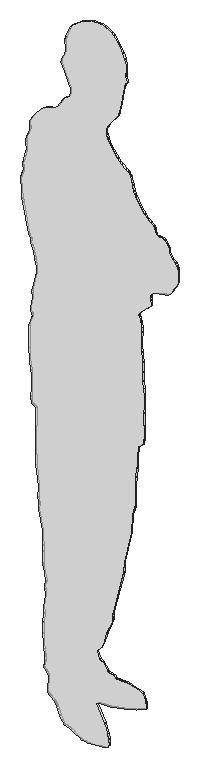
Revit family "Flat Man 16", category Entourage, Revit 2015
Parameters
  Flat Material [instance] = none
  Height = 0 mm
Reference planes
  plane 1 "Center (Front/Back)": y = 0
  plane 2: z = 0
  plane 3 "Center (Left/Right)": x = 0
Forms (mm)
  Extrusion 1, solid, material <- "Flat Material"
    sketch origin (0, 0, 0) x (1, 0, 0) y (0, 0, 1)
      loop
        line (82.411, 1698.329) -> (85.797, 1708.811) -> (86.712, 1709.665) -> (88.48, 1711.144) -> (90.216, 1712.707) -> (91.161, 1713.811) -> (85.739, 1728.26) -> (85.85, 1730.894) -> (86.248, 1733.897) -> (87.394, 1740.68) -> (88.159, 1747.945) -> (88.081, 1751.551) -> (87.526, 1755.029) -> (83.308, 1769.499) -> (77.731, 1783.696) -> (70.706, 1797.155) -> (62.146, 1809.412) -> (51.963, 1820.001) -> (46.235, 1824.526) -> (40.068, 1828.459) -> (33.451, 1831.743) -> (26.374, 1834.32) -> (18.824, 1836.131) -> (10.791, 1837.119) -> (9.78, 1836.607) -> (8.685, 1836.235) -> (7.514, 1835.984) -> (6.276, 1835.837) -> (0.827, 1835.905) -> (-4.994, 1836.135) -> (-7.869, 1835.939) -> (-9.267, 1835.698) -> (-10.627, 1835.337) -> (-38.238, 1823.784) -> (-62.378, 1808.568) -> (-64.028, 1807.083) -> (-65.842, 1805.031) -> (-69.811, 1799.498) -> (-78.061, 1784.63) -> (-84.716, 1768.347) -> (-86.69, 1761.044) -> (-87.208, 1757.841) -> (-87.361, 1755.029) -> (-86.032, 1743.217) -> (-85.388, 1736.781) -> (-85.339, 1734.035) -> (-85.417, 1732.855) -> (-85.575, 1731.833) -> (-86.64, 1728.341) -> (-88.205, 1724.854) -> (-92.118, 1717.712) -> (-95.883, 1710.046) -> (-97.263, 1705.904) -> (-98.125, 1701.182) -> (-97.92, 1699.766) -> (-97.266, 1697.196) -> (-94.695, 1690.031) -> (-86.333, 1671.083) -> (-77.146, 1652.619) -> (-73.545, 1646.058) -> (-72.22, 1643.881) -> (-71.299, 1642.605) -> (-71.643, 1632.935) -> (-72.091, 1629.34) -> (-72.712, 1626.436) -> (-73.499, 1624.122) -> (-74.444, 1622.297) -> (-74.974, 1621.537) -> (-75.54, 1620.861) -> (-76.78, 1619.711) -> (-83.014, 1615.957) -> (-86.793, 1613.17) -> (-88.82, 1611.195) -> (-90.93, 1608.698) -> (-101.589, 1592.485) -> (-107.405, 1584.579) -> (-110.627, 1581.185) -> (-114.13, 1578.36) -> (-117.24, 1576.529) -> (-120.363, 1575.179) -> (-126.758, 1573.37) -> (-140.896, 1569.436) -> (-143.741, 1568.048) -> (-146.827, 1566.15) -> (-153.518, 1561.05) -> (-167.586, 1547.219) -> (-179.909, 1531.558) -> (-184.419, 1524.171) -> (-186.086, 1520.787) -> (-187.296, 1517.684) -> (-187.718, 1516.17) -> (-187.99, 1514.695) -> (-188.168, 1511.851) -> (-187.61, 1506.486) -> (-186.895, 1501.366) -> (-186.876, 1498.829) -> (-187.021, 1497.554) -> (-187.296, 1496.27) -> (-192.662, 1483.653) -> (-195.863, 1476.341) -> (-197.131, 1472.808) -> (-198.003, 1469.501) -> (-198.353, 1466.213) -> (-198.247, 1462.767) -> (-197.377, 1455.43) -> (-196.819, 1447.544) -> (-197.104, 1443.413) -> (-198.003, 1439.166) -> (-206.927, 1405.259) -> (-207.116, 1404.136) -> (-207.199, 1403.056) -> (-207.103, 1401.015) -> (-206.261, 1397.333) -> (-205.305, 1394.046) -> (-204.943, 1391.686) -> (-206.898, 1384.753) -> (-209.697, 1377.064) -> (-212.447, 1369.643) -> (-214.099, 1364.087) -> (-213.894, 1361.361) -> (-211.149, 1335.088) -> (-208.702, 1314.815) -> (-206.927, 1303.538) -> (-190.865, 1232.159) -> (-190.27, 1230.743) -> (-189.38, 1229.158) -> (-187.136, 1225.734) -> (-184.972, 1222.4) -> (-183.675, 1219.979) -> (-185.528, 1208.85) -> (-184.611, 1207.932) -> (-182.909, 1206.427) -> (-181.169, 1204.849) -> (-180.234, 1203.849) -> (-176.405, 1191.51) -> (-171.7, 1172.249) -> (-168.101, 1152.603) -> (-167.359, 1144.757) -> (-167.365, 1141.698) -> (-167.476, 1140.432) -> (-167.665, 1139.358) -> (-180.158, 1096.531) -> (-180.816, 1092.778) -> (-181.008, 1089.312) -> (-180.547, 1083.027) -> (-179.893, 1077.248) -> (-179.841, 1074.415) -> (-180.158, 1071.548) -> (-185.51, 1044.779) -> (-185.755, 1042.88) -> (-185.78, 1041.196) -> (-185.616, 1039.699) -> (-185.292, 1038.363) -> (-184.84, 1037.161) -> (-184.29, 1036.066) -> (-183.02, 1034.092) -> (-181.726, 1032.226) -> (-181.147, 1031.268) -> (-180.654, 1030.256) -> (-180.278, 1029.165) -> (-180.05, 1027.968) -> (-180, 1026.638) -> (-180.158, 1025.148) -> (-180.856, 1022.531) -> (-182.032, 1019.408) -> (-185.098, 1012.24) -> (-187.925, 1004.833) -> (-188.802, 1001.413) -> (-189.028, 999.838) -> (-189.082, 998.379) -> (-189.211, 940.593) -> (-187.988, 910.871) -> (-183.727, 884.168) -> (-182.227, 874.847) -> (-181.853, 864.133) -> (-182.963, 841.03) -> (-184.008, 819.866) -> (-183.554, 811.576) -> (-182.916, 808.277) -> (-182.474, 806.874) -> (-181.941, 805.647) -> (-180.944, 803.539) -> (-180.393, 802.667) -> (-179.805, 801.9) -> (-179.18, 801.227) -> (-178.515, 800.636) -> (-177.062, 799.656) -> (-175.439, 798.868) -> (-173.635, 798.179) -> (-169.447, 796.726) -> (-170.183, 700.297) -> (-168.91, 649.944) -> (-162.313, 598.64) -> (-164.096, 568.302) -> (-162.155, 560.516) -> (-161.097, 555.965) -> (-160.527, 552.243) -> (-162.313, 539.75) -> (-151.606, 489.784) -> (-151.606, 468.367) -> (-149.525, 452.733) -> (-149.248, 436.467) -> (-149.82, 405.908) -> (-149.386, 400.556) -> (-148.499, 395.388) -> (-145.883, 385.236) -> (-140.836, 362.815) -> (-141.373, 361.478) -> (-142.582, 359.247) -> (-143.841, 357.149) -> (-144.457, 356.069) -> (-144.759, 352.589) -> (-144.611, 349.223) -> (-143.586, 342.481) -> (-142.556, 335.777) -> (-142.402, 332.459) -> (-142.682, 329.173) -> (-148.034, 297.049) -> (-146.251, 280.99) -> (-149.143, 256.893) -> (-149.986, 229.06) -> (-148.516, 201.762) -> (-146.831, 189.648) -> (-144.468, 179.269) -> (-143.695, 175.426) -> (-143.34, 170.937) -> (-143.746, 161.214) -> (-144.436, 156.577) -> (-145.404, 152.488) -> (-146.615, 149.246) -> (-147.963, 146.865) -> (-147.54, 145.165) -> (-146.896, 143.392) -> (-146.123, 141.802) -> (-145.24, 140.371) -> (-143.233, 137.872) -> (-141.04, 135.682) -> (-136.768, 131.373) -> (-135.845, 130.155) -> (-135.021, 128.827) -> (-134.319, 127.362) -> (-133.758, 125.735) -> (-137.327, 88.259) -> (-136.495, 85.931) -> (-135.438, 83.787) -> (-134.185, 81.805) -> (-132.761, 79.966) -> (-129.513, 76.631) -> (-125.912, 73.618) -> (-118.525, 67.898) -> (-115.175, 64.862) -> (-112.344, 61.49) -> (-109.246, 56.275) -> (-106.473, 50.371) -> (-101.238, 37.668) -> (-95.31, 25.722) -> (-91.671, 20.765) -> (-89.611, 18.669) -> (-87.361, 16.876) -> (-69.516, 11.52) -> (-54.757, 3.016) -> (-46.728, -1.356) -> (-39.178, -4.538) -> (-35.89, -5.355) -> (-31.951, -5.939) -> (-22.543, -6.476) -> (-0.579, -5.506) -> (19.931, -2.713) -> (27.521, -0.974) -> (30.279, -0.078) -> (31.353, 0.37) -> (32.777, 1.111) -> (34.104, 2.608) -> (35.758, 5.08) -> (37.42, 7.65) -> (39.319, 10.022) -> (38.117, 24.384) -> (35.278, 37.433) -> (31.172, 49.248) -> (26.141, 60.192) -> (3.653, 102.535) -> (5.643, 104.107) -> (7.222, 106.104) -> (44.071, 108.407) -> (81.066, 114.824) -> (115.492, 124.911) -> (144.633, 138.224) -> (143.867, 150.373) -> (142.936, 155.298) -> (141.676, 159.7) -> (138.286, 167.659) -> (133.922, 175.7) -> (123.976, 179.121) -> (113.192, 181.703) -> (89.312, 186.407) -> (57.188, 186.407) -> (53.619, 191.763) -> (37.56, 195.331) -> (36.29, 196.222) -> (35.08, 197.275) -> (32.804, 199.779) -> (28.599, 205.765) -> (24.412, 211.888) -> (22.16, 214.562) -> (20.964, 215.726) -> (19.712, 216.745) -> (12.574, 218.528) -> (5.436, 238.163) -> (10.994, 243.192) -> (15.463, 248.756) -> (19.073, 254.824) -> (22.05, 261.368) -> (32.205, 291.697) -> (40.557, 309.368) -> (45.052, 318.606) -> (48.267, 327.387) -> (48.771, 330.174) -> (48.909, 332.976) -> (48.657, 338.788) -> (48.656, 345.146) -> (49.107, 348.631) -> (50.05, 352.373) -> (80.388, 464.798) -> (82.174, 489.784) -> (101.801, 573.657) -> (105.37, 618.271) -> (109.332, 631.997) -> (111.382, 639.323) -> (112.508, 645.04) -> (113.606, 693.437) -> (114.353, 717.174) -> (117.864, 741.406) -> (118.656, 746.885) -> (118.842, 752.717) -> (118.41, 764.79) -> (118.597, 776.324) -> (119.557, 781.483) -> (120.365, 783.839) -> (121.433, 786.02) -> (121.777, 792.955) -> (122.497, 797.348) -> (123.602, 800.575) -> (128.855, 802.752) -> (130.012, 803.426) -> (131.243, 804.376) -> (132.547, 805.684) -> (133.922, 807.433) -> (134.451, 808.28) -> (134.944, 809.255) -> (135.829, 811.525) -> (137.26, 816.874) -> (139.277, 827.061) -> (137.491, 889.523) -> (139.192, 907.452) -> (138.927, 929.247) -> (137.052, 950.81) -> (133.922, 968.044) -> (133.922, 991.241) -> (134.275, 1017.694) -> (133.818, 1030.679) -> (132.14, 1042.993) -> (130.637, 1054.384) -> (130.333, 1066.561) -> (131.142, 1091.692) -> (131.169, 1103.857) -> (130.219, 1115.227) -> (129.208, 1120.491) -> (127.749, 1125.409) -> (125.774, 1129.93) -> (123.215, 1134.007) -> (123.474, 1134.906) -> (123.858, 1135.839) -> (124.976, 1137.794) -> (128.396, 1142) -> (138.312, 1151.09) -> (149.156, 1160.115) -> (153.737, 1164.24) -> (157.413, 1168.229) -> (157.914, 1170.736) -> (158.09, 1174.337) -> (157.502, 1182.873) -> (157.171, 1191.513) -> (157.341, 1193.454) -> (157.668, 1195.244) -> (158.181, 1196.853) -> (158.949, 1198.517) -> (160.137, 1199.709) -> (161.013, 1200.373) -> (162.05, 1201) -> (164.56, 1202.151) -> (167.582, 1203.192) -> (183.069, 1206.848) -> (199.859, 1211.112) -> (207.021, 1214.064) -> (209.993, 1215.849) -> (211.288, 1216.832) -> (212.443, 1217.879) -> (214.89, 1220.767) -> (218.09, 1225.176) -> (225.499, 1236.67) -> (232.18, 1248.584) -> (234.47, 1253.517) -> (235.215, 1255.521) -> (235.643, 1257.138) -> (235.874, 1259.958) -> (235.754, 1263.319) -> (235.034, 1270.885) -> (234.618, 1278.271) -> (234.88, 1281.407) -> (235.19, 1282.75) -> (235.643, 1283.911) -> (235.076, 1287.568) -> (234.173, 1290.888) -> (232.975, 1293.91) -> (231.522, 1296.672) -> (228.013, 1301.562) -> (223.967, 1305.862) -> (215.558, 1313.891) -> (211.839, 1318.223) -> (210.242, 1320.601) -> (208.874, 1323.17) -> (208.874, 1333.876) -> (206.711, 1338.685) -> (203.964, 1342.946) -> (200.597, 1346.629) -> (198.67, 1348.244) -> (196.573, 1349.703) -> (191.857, 1352.137) -> (186.41, 1353.9) -> (180.198, 1354.961) -> (173.185, 1355.29) -> (170.122, 1365.179) -> (168.321, 1370.693) -> (167.257, 1373.046) -> (166.672, 1374.053) -> (166.047, 1374.921) -> (164.237, 1376.852) -> (162.192, 1378.572) -> (157.629, 1381.591) -> (148.202, 1387.415) -> (144.116, 1391.063) -> (139.624, 1396.031) -> (130.148, 1408.391) -> (114.295, 1432.029) -> (112.768, 1434.671) -> (111.452, 1437.52) -> (109.32, 1443.73) -> (106.115, 1457.427) -> (102.539, 1471.363) -> (99.943, 1477.872) -> (98.325, 1480.915) -> (96.45, 1483.78) -> (94.282, 1486.401) -> (91.9, 1488.688) -> (86.628, 1492.58) -> (75.032, 1499.839) -> (69.201, 1504.55) -> (62.871, 1510.814) -> (49.985, 1526.538) -> (38.916, 1544.081) -> (34.856, 1552.62) -> (32.205, 1560.515) -> (31.54, 1562.461) -> (31.107, 1564.43) -> (30.892, 1566.419) -> (30.884, 1568.424) -> (31.07, 1570.444) -> (31.437, 1572.474) -> (32.668, 1576.556) -> (34.478, 1580.646) -> (36.768, 1584.72) -> (42.392, 1592.728) -> (55.052, 1607.516) -> (60.507, 1613.918) -> (64.325, 1619.405) -> (66.728, 1624.549) -> (68.47, 1629.836) -> (70.684, 1640.803) -> (82.411, 1698.329)
    from -2.5 to 2.5
Lines and regions (mm)
  model lines
    curve 1: line (-150, 0, 0) -> (150, 0, 0)
    curve 2: line (0, -150, 0) -> (0, 150, 0)
Dimensions and locks
  aligned and locked: level to plane 2
